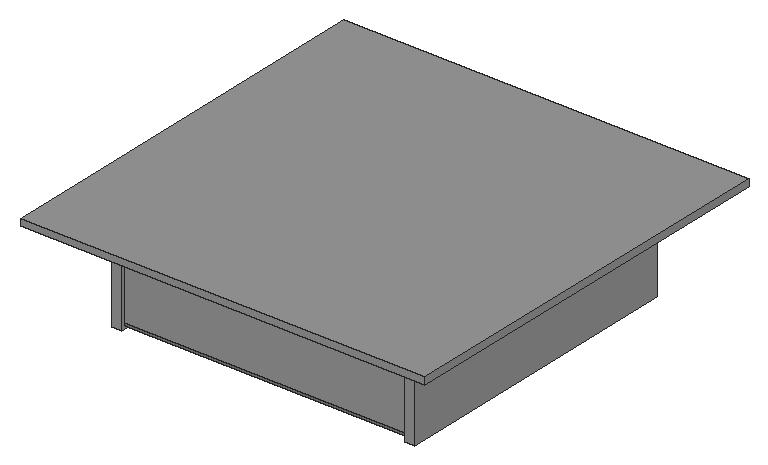
Revit family "Berica 2.0 M", category Lighting Fixtures, Revit 2020 (continued)
Definition of nested family "Light Source Berica 2.0"
  Types (4, lengths in mm): name | Photometric Web File | built-in parameter 1150142
      .83 79.75 75.43 71.37 67.54 63.70 60.15 \r\n55.89 51.50 47.05 42.68 39.42 36.43 33.59 30.41 26.62 \r\n23.01 19.63 16.36 13.79 11.22 8.81 7.33 5.88 4.30 3.39 \r\n2.95 2.55 2.10 1.68 1.24 0.88 0.76 0.66 0.58 0.49 0.41 \r\n0.33 0.27 0.21 0.15 0.10 0.07 0.04 0.03 0.03 0.02 0.02 \r\n0.02 0.02 0.02 0.03 0.03 0.04 0.07 0.10 0.15 0.21 0.27 \r\n0.33 0.41 0.49 0.58 0.66 0.76 0.88 1.24 1.68 2.10 2.55 \r\n2.95 3.39 4.30 5.88 7.33 8.81 11.22 13.79 16.36 19.63 \r\n23.01 26.62 30.41 33.59 36.43 39.42 42.68 47.05 51.50 \r\n55.89 60.15 63.70 67.54 71.37 75.43 79.75 83.83 88.32 \r\n92.96 97.34 102.37 106.88 111.80 116.98 121.91 126.97 \r\n132.15 137.09 141.88 146.33 151.39 155.99 160.89 164.84 \r\n169.62 173.29 177.34 181.18 184.71 188.26 191.34 194.83 \r\n197.92 200.79 203.59 206.44 208.62 210.96 212.92 214.78 \r\n216.41 217.94 219.28 220.52 221.63 222.51 223.28 224.02 \r\n224.51 \r\n224.51 224.08 223.48 222.86 222.13 221.23 220.23 219.10 \r\n217.81 216.41 214.98 213.36 211.57 209.68 207.21 205.07 \r\n202.62 200.27 197.28 194.35 191.22 188.09 184.95 181.65 \r\n178.05 174.46 170.57 166.50 162.64 158.34 154.15 149.77 \r\n145.31 140.69 135.75 131.29 126.63 121.55 116.81 111.94 \r\n107.17 102.48 97.61 92.75 88.28 83.91 79.55 75.48 71.39 \r\n67.73 63.74 60.29 56.71 53.30 49.87 46.25 42.49 38.52 \r\n34.67 31.83 29.21 26.38 23.22 20.12 17.11 14.22 11.83 \r\n9.45 7.76 6.37 4.98 4.10 3.54 3.06 2.56 2.10 1.72 1.47 \r\n1.25 1.06 0.85 0.68 0.50 0.36 0.23 0.13 0.07 0.04 0.03 \r\n0.03 0.03 0.03 0.03 0.04 0.07 0.13 0.23 0.36 0.50 0.68 \r\n0.85 1.06 1.25 1.47 1.72 2.10 2.56 3.06 3.54 4.10 4.98 \r\n6.37 7.76 9.45 11.83 14.22 17.11 20.12 23.22 26.38 29.21 \r\n31.83 34.67 38.52 42.49 46.25 49.87 53.30 56.71 60.29 \r\n63.74 67.73 71.39 75.48 79.55 83.91 88.28 92.75 97.61 \r\n102.48 107.17 111.94 116.81 121.55 126.63 131.29 135.75 \r\n140.69 145.31 149.77 154.15 158.34 162.64 166.50 170.57 \r\n174.46 178.05 181.65 184.95 188.09 191.22 194.35 197.28 \r\n200.27 202.62 205.07 207.21 209.68 211.57 213.36 214.98 \r\n216.41 217.81 219.10 220.23 221.23 222.13 222.86 223.48 \r\n224.08 224.51 \r\n224.51 224.25 223.87 223.34 222.66 222.12 221.30 220.35 \r\n219.27 218.00 216.77 215.37 214.02 212.60 210.64 208.95 \r\n207.01 204.82 202.50 200.07 197.44 194.94 192.09 189.09 \r\n186.22 182.82 179.85 176.18 172.69 168.88 165.41 161.30 \r\n157.62 153.21 149.28 144.86 140.35 136.09 131.35 126.57 \r\n122.00 117.17 112.15 107.35 102.34 97.70 92.67 88.42 \r\n84.22 79.58 75.44 71.18 67.32 63.28 59.47 55.72 52.45 \r\n49.18 45.71 42.74 39.74 36.82 33.63 30.72 27.56 24.72 \r\n22.38 20.12 17.70 15.22 12.71 10.62 8.64 7.14 6.01 5.04 \r\n4.36 3.76 3.17 2.69 2.25 1.84 1.48 1.12 0.78 0.48 0.24 \r\n0.10 0.05 0.04 0.04 0.04 0.05 0.10 0.24 0.48 0.78 1.12 \r\n1.48 1.84 2.25 2.69 3.17 3.76 4.36 5.04 6.01 7.14 8.64 \r\n10.62 12.71 15.22 17.70 20.12 22.38 24.72 27.56 30.72 \r\n33.63 36.82 39.74 42.74 45.71 49.18 52.45 55.72 59.47 \r\n63.28 67.32 71.18 75.44 79.58 84.22 88.42 92.67 97.70 \r\n102.34 107.35 112.15 117.17 122.00 126.57 131.35 136.09 \r\n140.35 144.86 149.28 153.21 157.62 161.30 165.41 168.88 \r\n172.69 176.18 179.85 182.82 186.22 189.09 192.09 194.94 \r\n197.44 200.07 202.50 204.82 207.01 208.95 210.64 212.60 \r\n214.02 215.37 216.77 218.00 219.27 220.35 221.30 222.12 \r\n222.66 223.34 223.87 224.25 224.51 \r\n224.51 224.29 224.03 223.64 223.12 222.60 221.91 221.30 \r\n220.47 219.54 218.50 217.26 216.03 214.77 213.25 211.70 \r\n210.01 208.29 206.33 204.39 202.27 199.93 197.82 195.32 \r\n192.81 190.12 187.23 184.34 181.37 178.22 174.96 171.52 \r\n167.91 164.47 160.45 156.65 152.33 148.37 143.80 139.52 \r\n135.32 130.24 125.79 120.81 116.02 111.25 106.03 101.46 \r\n96.57 91.68 87.08 82.27 77.94 73.48 68.95 65.15 61.24 \r\n57.26 53.49 49.96 46.61 43.40 40.13 37.45 34.48 31.83 \r\n29.31 26.86 24.62 22.36 20.21 18.13 16.31 14.34 12.78 \r\n11.08 9.60 8.12 7.01 6.00 5.14 4.38 3.62 2.90 2.24 1.60 \r\n1.01 0.53 0.25 0.10 0.07 0.10 0.25 0.53 1.01 1.60 2.24 \r\n2.90 3.62 4.38 5.14 6.00 7.01 8.12 9.60 11.08 12.78 14.34 \r\n16.31 18.13 20.21 22.36 24.62 26.86 29.31 31.83 34.48 \r\n37.45 40.13 43.40 46.61 49.96 53.49 57.26 61.24 65.15 \r\n68.95 73.48 77.94 82.27 87.08 91.68 96.57 101.46 106.03 \r\n111.25 116.02 120.81 125.79 130.24 135.32 139.52 143.80 \r\n148.37 152.33 156.65 160.45 164.47 167.91 171.52 174.96 \r\n178.22 181.37 184.34 187.23 190.12 192.81 195.32 197.82 \r\n199.93 202.27 204.39 206.33 208.29 210.01 211.70 213.25 \r\n214.77 216.03 217.26 218.50 219.54 220.47 221.30 221.91 \r\n222.60 223.12 223.64 224.03 224.29 224.51 \r\n224.51 224.36 224.16 223.82 223.58 223.20 222.61 222.09 \r\n221.44 220.74 219.88 218.91 217.90 216.79 215.53 214.18 \r\n212.70 211.15 209.49 207.62 205.74 203.69 201.62 199.45 \r\n197.37 194.94 192.32 189.83 187.22 184.30 181.48 178.60 \r\n175.42 172.19 168.78 165.14 161.69 157.76 153.80 149.41 \r\n145.44 141.10 136.46 131.85 126.93 122.07 117.30 112.19 \r\n107.34 102.25 97.36 92.48 87.45 82.76 77.91 73.39 68.68 \r\n64.49 60.52 56.43 52.76 49.18 45.54 42.42 39.09 36.18 \r\n33.25 30.76 28.28 25.80 23.60 21.40 19.58 17.64 16.12 \r\n14.54 13.01 11.64 10.29 9.12 7.87 6.80 5.75 4.71 3.76 \r\n2.82 2.05 1.24 0.69 0.29 0.21 0.29 0.69 1.24 2.05 2.82 \r\n3.76 4.71 5.75 6.80 7.87 9.12 10.29 11.64 13.01 14.54 \r\n16.12 17.64 19.58 21.40 23.60 25.80 28.28 30.76 33.25 \r\n36.18 39.09 42.42 45.54 49.18 52.76 56.43 60.52 64.49 \r\n68.68 73.39 77.91 82.76 87.45 92.48 97.36 102.25 107.34 \r\n112.19 117.30 122.07 126.93 131.85 136.46 141.10 145.44 \r\n149.41 153.80 157.76 161.69 165.14 168.78 172.19 175.42 \r\n178.60 181.48 184.30 187.22 189.83 192.32 194.94 197.37 \r\n199.45 201.62 203.69 205.74 207.62 209.49 211.15 212.70 \r\n214.18 215.53 216.79 217.90 218.91 219.88 220.74 221.44 \r\n222.09 222.61 223.20 223.58 223.82 224.16 224.36 224.51 \r\n224.51 224.54 224.47 224.29 224.04 223.70 223.35 223.00 \r\n222.37 221.64 220.92 220.21 219.23 218.33 217.06 215.88 \r\n214.56 213.07 211.42 209.78 208.08 206.23 204.25 202.16 \r\n200.14 197.85 195.62 193.10 190.58 187.82 185.16 182.17 \r\n179.18 176.35 173.06 169.68 165.83 162.15 158.39 154.58 \r\n150.21 145.95 141.55 136.64 132.14 127.20 122.43 117.54 \r\n112.46 107.56 102.36 97.42 92.53 87.26 82.94 78.07 73.39 \r\n68.85 64.65 60.75 56.75 52.88 49.48 46.11 42.61 39.56 \r\n36.57 33.94 31.23 28.75 26.27 24.18 22.19 20.16 18.36 \r\n16.73 15.10 13.62 12.09 10.74 9.43 8.19 6.97 5.82 4.70 \r\n3.63 2.61 1.77 1.06 0.57 0.41 0.57 1.06 1.77 2.61 3.63 \r\n4.70 5.82 6.97 8.19 9.43 10.74 12.09 13.62 15.10 16.73 \r\n18.36 20.16 22.19 24.18 26.27 28.75 31.23 33.94 36.57 \r\n39.56 42.61 46.11 49.48 52.88 56.75 60.75 64.65 68.85 \r\n73.39 78.07 82.94 87.26 92.53 97.42 102.36 107.56 112.46 \r\n117.54 122.43 127.20 132.14 136.64 141.55 145.95 150.21 \r\n154.58 158.39 162.15 165.83 169.68 173.06 176.35 179.18 \r\n182.17 185.16 187.82 190.58 193.10 195.62 197.85 200.14 \r\n202.16 204.25 206.23 208.08 209.78 211.42 213.07 214.56 \r\n215.88 217.06 218.33 219.23 220.21 220.92 221.64 222.37 \r\n223.00 223.35 223.70 224.04 224.29 224.47 224.54 224.51 \r\n"
